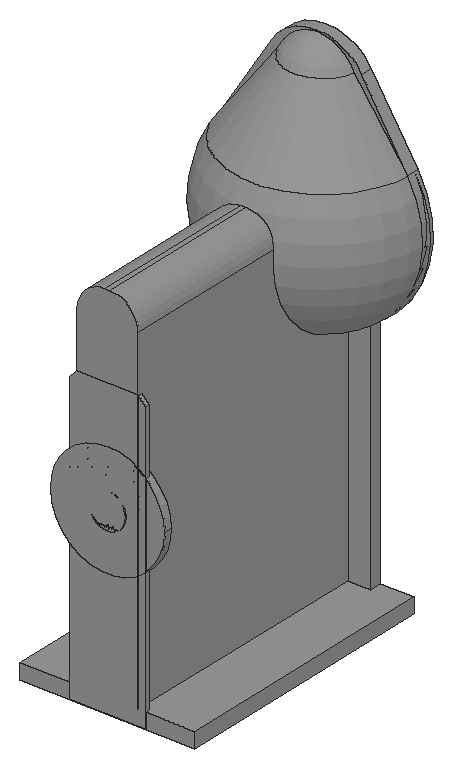
Revit family "Toilet-Willoughby-ETF-1490-FM-12-FA-TS-HC", category Plumbing Fixtures, Revit 2015
Parameters (values of type "Standard")
  Waste DIA = 2 3/8"
  Waste Connection = yes
  W-RAD [instance] = Waste DIA / 2  # 0' - 1 3/16"
  Vent Connection = no
  URL = "https://www.willoughby-ind.com/wp-content/uploads/2018/01/ETF-1490-FM-FA.pdf"
  Type Comments = ""
  Revision = "A"
  Model = "ETF-1490-FM-FA-12-TS-HC"
  Manufacturer = "Willoughby Industries"
  HW Connection = no
  Flush inlet DIA = 1 1/2"
  Fixture Body = Stainless Steel AISI 304-Willoughby
  F-RAD [instance] = Flush inlet DIA / 2  # 0' - 0 3/4"
  Description = "Floor Outlet, Floor Mounted Toilet, Front Access, With 12\" Rough In, Top Spud, Handicap Seat Height"
  Default Elevation = 0' - 0"
  Contact Number = "(800) 428-4065"
  CW Connection = yes
Reference planes (in)
  plane 1 "Base": y = -16.25
  plane 2: z = 0
  plane 3 "Center": x = 18.31072
  plane 4 "Waste height": y = -4.75
  plane 5: y = -1.25
  plane 6: z = -6.75
  plane 7: y = -2.125
  plane 8: y = -14.0625
  plane 9: y = 0.5
  plane 10: x = 16.56072
  plane 11: x = 20.06072
  plane 12: x = 11.56072
  plane 13: x = 25.06072
  plane 14: z = 23
  plane 15: z = 30.75
  plane 16: x = 15.81072
  plane 17: x = 20.81072
  plane 18: x = 16.31072
  plane 19: x = 20.31072
  plane 20: z = 12
  plane 21: x = 12.56072
  plane 22: x = 24.06072
  plane 23: z = 2.75
  plane 24: z = 32.75
Forms (in)
  Extrusion 1, solid, material "Stainless Steel AISI 304-Willoughby" <- "Fixture Body"
    sketch origin (16.08109, 7.47968, -0.20225) x (-1, 0, 0) y (0, 0, -1)
      loop
        line (1.29775, -16.80087) -> (1.29775, -1.20225) -> (-5.72963, -1.20225) -> (-5.72963, -16.81676)
        arc (-5.72963, -16.81676) -> (-8.98136, -21.11843) -> (-8.21015, -26.45542) r 7
        line (-8.21015, -26.45542) -> (-5.16818, -31.31054)
        arc (-5.16818, -31.31054) -> (-2.20225, -32.95225) -> (0.76368, -31.31054) r 3.5
        line (0.76368, -31.31054) -> (3.80565, -26.45542)
        arc (3.80565, -26.45542) -> (4.5729, -21.10311) -> (1.29775, -16.80087) r 7
      loop
        arc (2.03989, -24.70557) -> (-2.20225, -18.23804) -> (-6.44438, -24.70557) r 4.625
        line (-6.44438, -24.70557) -> (-4.04125, -30.23842)
        arc (-4.04125, -30.23842) -> (-2.20225, -31.45225) -> (-0.36324, -30.23842) r 2
        line (-0.36324, -30.23842) -> (2.03989, -24.70557)
    from 8.72968 to 9.5
  Revolve 2, solid, material "Stainless Steel AISI 304-Willoughby" <- "Fixture Body"
    sketch origin (19.37246, -1.52032, 3.00169) x (-1, 0, 0) y (0, 0, -1)
      loop
        line (1.06174, -12.59906) -> (1.06174, -12.84906)
        arc (1.06174, -12.84906) -> (7.03046, -17.88333) -> (5.08904, -25.44643) r 7.34171
        line (5.08904, -25.44643) -> (3.31535, -27.91457)
        arc (3.31535, -27.91457) -> (2.42192, -29.02159) -> (1.06174, -29.43826) r 2.42844
        line (1.06174, -29.43826) -> (1.06174, -29.68826)
        arc (1.06174, -29.68826) -> (2.54295, -29.2403) -> (3.52767, -28.04656) r 2.67283
        line (3.52767, -28.04656) -> (7.06964, -23.19143)
        arc (7.06964, -23.19143) -> (7.15052, -16.14555) -> (1.06174, -12.59906) r 7
      axis (1.06174, -12.59906) -> (1.06174, -29.68826)
    angle from 0 to -180
  Extrusion 3, solid, material "Stainless Steel AISI 304-Willoughby" <- "Fixture Body"
    sketch origin (19.53334, -3.02032, -2.9508) x (0, 1, 0) y (0, 0, 1)
      loop
        line (-4.42257, 3.9508) -> (1.02643, 3.9508) -> (1.02643, 18.97156)
        arc (1.02643, 18.97156) -> (-2.31062, 20.32275) -> (-4.42257, 23.23845) r 6.52287
        line (-4.42257, 23.23845) -> (-4.42257, 3.9508)
    from 0.77738 to -3.22262
  Extrusion 4, solid, material "Stainless Steel AISI 304-Willoughby" <- "Fixture Body"
    sketch origin (0, -16.25, 0) x (1, 0, 0) y (0, 0, 1)
      loop
        line (24.06072, 0) -> (24.06072, 1) -> (12.56072, 1) -> (12.56072, 0) -> (24.06072, 0)
    from -15 to 3
  Extrusion 5, solid, material "Stainless Steel AISI 304-Willoughby" <- "Fixture Body"
    sketch origin (0, -16.25, 2) x (1, 0, 0) y (0, 0, 1)
      loop
        line (20.31072, -1) -> (20.31072, 21.16116)
        arc (20.31072, 21.16116) -> (19.77214, 22.46142) -> (18.47188, 23) r 1.83884
        line (18.47188, 23) -> (18.15461, 23)
        arc (18.15461, 23) -> (16.85078, 22.45994) -> (16.31072, 21.15611) r 1.84389
        line (16.31072, 21.15611) -> (16.31072, -1) -> (20.31072, -1)
    from 3 to -8.80711
  Revolve 6, solid, material "Stainless Steel AISI 304-Willoughby" <- "Fixture Body"
    sketch origin (18.31072, -2.98972, 0) x (0, 1, 0) y (0, 0, 1)
      loop
        line (-16.26028, 12) -> (-14.75, 12) -> (-14.75, 13.1875) -> (-16.26028, 13.1875) -> (-16.26028, 12)
      axis (-14.75, 12) -> (-16.26028, 12)
    angle from 0 to 360
  Revolve 7, solid, material "Stainless Steel AISI 304-Willoughby" <- "Fixture Body"
    sketch origin (18.31072, 0, 0) x (0, 1, 0) y (0, 0, 1)
      loop
        line (-1.25384, 2.75) -> (-1.25384, 3.5) -> (-3, 3.5) -> (-3, 2.75) -> (-1.25384, 2.75)
      axis (-1.25384, 2.75) -> (-3, 2.75)
    angle from 0 to 360
  Extrusion 8, solid, material "Stainless Steel AISI 304-Willoughby" <- "Fixture Body"
    sketch origin (0, -16.25, 9.25) x (1, 0, 0) y (0, 0, 1)
      loop
        circle (18.31072, 2.75) r 3.75
    from 3 to 2.5
  Extrusion 9, solid, material "Stainless Steel AISI 304-Willoughby" <- "Fixture Body"
    sketch origin (0, -16.25, 0) x (1, 0, 0) y (0, 0, 1)
      loop
        line (20.31072, 0) -> (20.81072, 0) -> (20.81072, 19) -> (20.31072, 19.5) -> (16.31072, 19.5) -> (15.81072, 19) -> (15.81072, 17) -> (15.81072, 0) -> (16.31072, 0) -> (20.31072, 0)
    from 3 to 2.75
Cuts and joins
  joined: Extrusion 1, Extrusion 3, Extrusion 4, Extrusion 5
Lines and regions (in)
  symbolic lines
    curve 1: line (24.06072, -16.25, 0) -> (12.56072, -16.25, 0)
    curve 2: line (11.28334, -2.02032, 0) -> (11.28334, -1.25, 0)
    curve 3: line (11.28334, -1.25, 0) -> (25.28334, -1.25, 0)
    curve 4: arc (25.28334, -1.25, 0) -> (23.34562, -6.3737, 0) -> (18.31072, -8.53165, 0) r 6.99765
    curve 5: arc (18.31072, -8.53165, 0) -> (13.53626, -6.63668, 0) -> (11.28334, -2.02032, 0) r 7.11223
    curve 6: line (12.56072, -5.52262, 0) -> (12.56072, -16.25, 0)
    curve 7: line (24.06072, -5.49416, 0) -> (24.06072, -16.25, 0)
    curve 8: line (20.31072, -8.234, 0) -> (20.31072, -16.25, 0)
    curve 9: line (16.31072, -8.2272, 0) -> (16.31072, -16.25, 0)
    curve 10: line (14.56072, -16.25, 0) -> (14.56072, -15.75, 0)
    curve 11: line (14.56072, -15.75, 0) -> (16.31072, -15.75, 0)
    curve 12: line (22.06072, -16.25, 0) -> (22.06072, -15.75, 0)
    curve 13: line (22.06072, -15.75, 0) -> (20.31072, -15.75, 0)
    curve 14: line (12.56072, -16.25, 0) -> (24.06072, -16.25, 0)
    curve 15: line (24.06072, -16.25, 0) -> (24.06072, -16.25, 1)
    curve 16: line (24.06072, -16.25, 1) -> (21.81072, -16.25, 1)
    curve 17: line (21.81072, -16.25, 1) -> (21.81072, -16.25, 16.61451)
    curve 18: arc (21.81072, -16.25, 16.61451) -> (25.08188, -16.25, 20.87566) -> (24.31862, -16.25, 26.19312) r 6.91969
    curve 19: line (24.31862, -16.25, 26.19312) -> (21.25205, -16.25, 31.10385)
    curve 20: arc (21.25205, -16.25, 31.10385) -> (18.28334, -16.25, 32.75) -> (15.31463, -16.25, 31.10385) r 3.5
    curve 21: line (15.31463, -16.25, 31.10385) -> (12.35249, -16.25, 26.379)
    curve 22: arc (12.35249, -16.25, 26.379) -> (11.49002, -16.25, 20.97236) -> (14.78334, -16.25, 16.59862) r 7
    curve 23: line (14.78334, -16.25, 16.59862) -> (14.78334, -16.25, 1)
    curve 24: line (14.78334, -16.25, 1) -> (12.56072, -16.25, 1)
    curve 25: line (12.56072, -16.25, 1) -> (12.56072, -16.25, 0)
    curve 31: line (18.31072, -16.23457, 0) -> (18.31072, -1.25, 0)
    curve 32: line (18.31072, -1.25, 0) -> (18.31072, -1.25, 32.75)
    curve 33: line (18.31072, -1.25, 32.75) -> (18.31072, -2.02032, 32.75)
    curve 34: arc (18.31072, -2.02032, 32.75) -> (18.31072, -3.17945, 32.10263) -> (18.31072, -3.98625, 31.04824) r 3.27434
    curve 35: line (18.31072, -3.98625, 31.04824) -> (18.31072, -7.52822, 26.19312)
    curve 36: arc (18.31072, -7.52822, 26.19312) -> (18.31072, -7.83175, 25.60913) -> (18.31072, -8.084, 25.00124) r 7.65783
    curve 37: line (18.31072, -8.084, 25.00124) -> (18.31072, -16.23457, 25.00124)
    curve 38: line (18.31072, -16.23457, 25.00124) -> (18.31072, -16.23457, 0)
    curve 39: line (18.31072, -16.23457, 1) -> (18.31072, -2.02032, 1)
    curve 40: line (18.31072, -2.02032, 1) -> (18.31072, -2.02032, 16.59862)
    curve 41: line (18.31072, -2.02032, 16.59862) -> (18.31072, -1.25, 16.59862)
    curve 42: arc (18.31072, -2.02032, 15.94665) -> (18.31072, -5.64926, 17.34255) -> (18.31072, -7.88162, 20.52599) r 6.66441
    curve 43: arc (18.31072, -7.88162, 20.52599) -> (18.31072, -8.16455, 21.74767) -> (18.31072, -8.22932, 23) r 7.13765
    curve 44: arc (18.31072, -8.22932, 23) -> (18.31072, -8.17477, 24.00193) -> (18.31072, -8.084, 25.00124) r 27.72439
    curve 45: arc (21.81072, -16.25, 13.3537) -> (22.06101, -16.25, 12.0037) -> (21.81072, -16.25, 10.65371) r 3.76582
  symbolic lines, detail levels fine
    curve 26: arc (14.78334, -16.25, 13.27282) -> (14.56072, -16.25, 12) -> (14.78334, -16.25, 10.72718) r 3.75
    curve 27: arc (22.52547, -16.25, 24.50332) -> (18.28334, -16.25, 18.0358) -> (14.0412, -16.25, 24.50332) r 4.625
    curve 28: line (14.0412, -16.25, 24.50332) -> (16.44433, -16.25, 30.03617)
    curve 29: arc (16.44433, -16.25, 30.03617) -> (18.28334, -16.25, 31.2424) -> (20.12234, -16.25, 30.03617) r 2.00498
    curve 30: line (20.12234, -16.25, 30.03617) -> (22.52547, -16.25, 24.50332)
Dimensions and locks (in)
  plane 1 "Base" to plane 5 = 1' - 3"
  level to plane 15 = 2' - 6 3/4"
  locked: plane 21 to plane 22 at 11.5
  plane 21 to plane 22 = 0' - 11 1/2"
  plane 13 to plane 22 = 0' - 1"
  level to plane 20 = 1' - 0"
  plane 21 to plane 3 "Center" = 0' - 5 3/4"
  level to plane 23 = 0' - 2 3/4"
  plane 18 to plane 19 = 0' - 4"
  plane 18 to plane 3 "Center" to plane 19 = 0' - 2", 0' - 2"
  plane 15 to level = 2' - 6 3/4"
  plane 20 to level = 1' - 0"
Connectors (in)
  piping at (18.31072, -19.25, 12), diameter 2.375, driven by "W-RAD", driven by "Waste Connection"
    settings: on Revolve 6, index 4, connector inside diameter 24", connector length 0' - 0", flow factor 0, pipe flow 1.6 GPM, pressure drop 0.00 psi, fitting loss kfactor 0, connector angle 0.00°, fixture units 0, engagement length 0' - 0", angle of deflection 0.00°, flow configuration 0, flow direction 2, fitting loss method 0, system type 16, joint type 0, gender type 0, connector reference index -1, connector utility 1, adjustable connector no, is connector primary yes, connector description "Toilet Waste"
  piping at (18.31072, -1.25384, 2.75), diameter 1.5, driven by "F-RAD", driven by "CW Connection"
    settings: on Revolve 7, index 5, connector inside diameter 24", connector length 0' - 0", flow factor 0, pipe flow 0 GPM, pressure drop 0.00 psi, fitting loss kfactor 0, connector angle 0.00°, fixture units 0, engagement length 0' - 0", angle of deflection 0.00°, flow configuration 0, flow direction 1, fitting loss method 0, system type 20, joint type 0, gender type 0, connector reference index -1, connector utility 1, adjustable connector no, is connector primary no, connector description "Flush Inlet"
